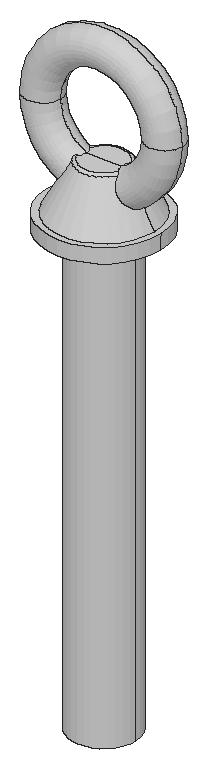
Revit family "AnchorPoint_Kattsafe_ConcreteMount_TorqueIndicator", category Specialty Equipment, host Face, Revit 2025
Family settings
  Host = Face
  Round Connector Dimension = Use Diameter
  Part Type = Normal
  OmniClass Number = 23.27.71.21
  Enable Cutting in Views = No
  Cut with Voids When Loaded = Yes
  Maintain Annotation Orientation = No
  Shared = No
  Room Calculation Point = No
Parameters (values of type "Type 1")
  Uniclass2015Version = "Products v1.23"
  Uniclass2015Title = "Safety access anchor devices"
  Uniclass2015Code = "Pr_40_70_75_75"
  URL = "https://kattsafe.com.au/"
  Type IFC Predefined Type = "USERDEFINED"
  Type Comments = "Concrete Mount Anchor with Torque Indicator - 15kN rated - 0.6kg"
  SafetyDisclaimer [instance] = "WARNING! The correct placement of access, fall protection and facade maintenance systems is critical to ensure it is fit-for-purpose and safe for the operator to use. Did you know Kattsafe® have a dedicated team of Height Safety System Design Specialists? Kattsafe® provide one-on-one consultation and system design assistance to ensure you are meeting the stringent requirements of height safety and to give you PEACE OF MIND with your project."  # constant formula
  ModifiedIssue = 20240430
  Model = "AP126"
  Material = Steel_Stainless_Kattsafe_Satin
  ManufacturerURLProductSpecific = "https://kattsafe.com.au/products/anchor-points/concrete-mount-roof-anchors/Concrete-mount-anchor-with-torque-indicator"
  ManufacturerSpecCode = Model  # "AP126"
  ManufacturerOverallWidth = 44 mm  # constant formula
  ManufacturerOverallHeight = 175 mm  # constant formula
  ManufacturerOverallDepth = 44 mm  # constant formula
  Manufacturer = "Kattsafe®"  # constant formula
  IfcExportType = "USERDEFINED"
  IfcExportAs = "IfcBuildingElementProxy"
  HostOffset [instance] = 0 mm
  Export Type to IFC As = "IfcBuildingElementProxy"
  ElementType = "Fall Protection"
  Description = "Our Kattsafe anchor points are specifically designed, manufactured, and tested to comply with and often exceed Australian Standards, effectively handling excessive loads and saving lives when using a harness and lanyard system."  # constant formula
  Default Elevation = 0 mm  # constant formula
  CreatedBy = "IGS BIM Solutions"  # constant formula
  CreatedByURL = "https://igsgroup.com.au"
  Assembly Code = "E1090100"
Reference planes
  plane 1 "Center (Front/Back)": y = 0
  plane 2 "Ref. Level": z = 0
  plane 3 "Center (Left/Right)": x = 0
  plane 4 "Front": y = -22
  plane 5 "Back": y = 22
  plane 6 "Right": x = 22
  plane 7 "Left": x = -22
  plane 8 "Top": z = 50
  plane 9 "Bottom": z = -125
  plane 10 "Base": z = 0
Forms (mm)
  Revolve 1, solid, material "Steel_Stainless_Kattsafe_Satin" <- "Material"
    sketch origin (0, 0, -125) x (1, 0, 0) y (0, 0, 1)
      loop
        line (0, 125) -> (0, 0) -> (9, 0) -> (9, 125) -> (0, 125)
      axis (0, 0) -> (0, 125)
    angle from 0 to 360
  Revolve 2, void
    sketch origin (0, 0, -125) x (1, 0, 0) y (0, 0, 1)
      loop
        line (0, 125) -> (0, -3.739) -> (9.1, -3.739) -> (9.1, 125) -> (0, 125)
      axis (0, -3.739) -> (0, 125)
    angle from 0 to 360
  Extrusion 3, solid, material "Steel_Stainless_Kattsafe_Satin" <- "Material"
    sketch origin (-1524, 277.61, 0) x (-1, 0, 0) y (0, 1, 0)
      loop
        circle (-1524, -277.61) r 16
      loop
        circle (-1524, -277.61) r 8
    from 0 to -4
  Revolve 4, solid, material "Steel_Stainless_Kattsafe_Satin" <- "Material"
    sketch origin (0, 0, 0) x (1, 0, 0) y (0, 0, 1)
      loop
        line (0, 17.001) -> (0, 4) -> (14.214, 4) -> (6.997, 16.501)
        arc (6.997, 16.501) -> (6.63, 16.867) -> (6.13, 17.001) r 1
        line (6.13, 17.001) -> (0, 17.001)
      axis (0, 4) -> (0, 17.001)
    angle from 0 to 360
  Sweep 5, solid, material "Steel_Stainless_Kattsafe_Satin" <- "Material"
    path origin (0, 0, 0) x (1, 0, 0) y (0, 0, 1)
      loop
        circle (0, 28) r 22
    profile origin (0, 0, 50) x (0, 0, -1) y (0, -1, 0)
      loop
        circle (5, 0) r 5
Cuts and joins
  joined: Revolve 4, Sweep 5
Lines and regions (mm)
  Masking region 1
    outline origin (0, 0, 50) x (-1, 0, 0) y (0, -1, 0)
      loop
        line (-15.199, 5) -> (-17.001, 5)
        arc (-17.001, 5) -> (-21.999, 0.003) -> (-17.001, -4.994) r 4.997
        line (-17.001, -4.994) -> (-15.201, -4.994)
        arc (-15.201, -4.994) -> (0, -16) -> (15.201, -4.994) r 16
        line (15.201, -4.994) -> (17.001, -4.994)
        arc (17.001, -4.994) -> (21.999, 0.003) -> (17.001, 5) r 4.997
        line (17.001, 5) -> (15.199, 5)
        arc (15.199, 5) -> (0, 16) -> (-15.199, 5) r 16
  symbolic lines, style "Fall Arrest Systems", detail levels medium+fine
    curve 1: line (15.201, 4.994, 50) -> (-15.201, 4.994, 50)
    curve 2: line (15.201, -4.994, 50) -> (-15.201, -4.994, 50)
  symbolic lines, style "Fall Arrest Systems", detail levels fine
    curve 3: arc (-12.689, -4.994, 50) -> (0, -13.637, 50) -> (12.689, -4.994, 50) r 13.637
    curve 4: arc (-12.689, 4.994, 50) -> (0, 13.637, 50) -> (12.689, 4.994, 50) r 13.637
Text (mm)
  text "Disclaimer:\nDue to ongoing product development and manufacturing \nevolution, product details are subject to change without \nnotice. Please refer to product technical data sheets on \nthe manufacturers website for the most current product \ninformation. Please allow a +/- 5mm manufacturing \ntolerance for dimensions and set-outs shown in product \nliterature." at (140.12, 82.963, 0), in view "Ref. Level"
Dimensions and locks
  "ManufacturerOverallWidth": plane 7 "Left" to plane 6 "Right"
  "ManufacturerOverallDepth": plane 5 "Back" to plane 4 "Front"
  equal spacing: plane 4 "Front", plane 1 "Center (Front/Back)", plane 5 "Back"
  equal spacing: plane 7 "Left", plane 3 "Center (Left/Right)", plane 6 "Right"
  "HostOffset": plane 10 "Base" to level
  plane 10 "Base" to plane 9 "Bottom" = 125 mm
  "ManufacturerOverallHeight": plane 8 "Top" to plane 9 "Bottom"
  plane 8 "Top" to plane 10 "Base" = 50 mm
  aligned and locked: plane 2 "Ref. Level" to host face
  aligned and locked: level to host face
  aligned and locked: Revolve 1 to plane 9 "Bottom"
  aligned and locked: Revolve 1 to plane 10 "Base"
  aligned and locked: Revolve 2 to plane 10 "Base"
  aligned and locked: plane 8 "Top" to Revolve 4 sketch curve
  aligned and locked: Revolve 4 sketch curve to Revolve 4 sketch curve
Automatic sketch dimensions
  host sketch curve to host sketch curve = 44 mm  (x2)
  plane 3 "Center (Left/Right)" to Sweep 5 sketch curve = 0 mm
  plane 8 "Top" to Sweep 5 sketch curve = 22 mm
  Sweep 5 sketch curve to plane 1 "Center (Front/Back)" = 0 mm
  Sweep 5 sketch curve to profile plane = 5 mm
  Extrusion 3 sketch curve to Extrusion 3 sketch curve = 0 mm  (x2)
  plane 1 "Center (Front/Back)" to Extrusion 3 sketch curve = 0 mm
  Extrusion 3 sketch curve to plane 3 "Center (Left/Right)" = 0 mm
  Revolve 1 sketch curve to plane 3 "Center (Left/Right)" = 0 mm  (x2)
  level to Revolve 1 sketch curve = 0 mm
  Revolve 1 sketch curve to plane 9 "Bottom" = 0 mm
  plane 3 "Center (Left/Right)" to Revolve 1 sketch curve = 9 mm
  Revolve 1 sketch curve to plane 9 "Bottom" = 15 mm
  Revolve 1 sketch curve to level = 20 mm
  Revolve 2 sketch curve to plane 3 "Center (Left/Right)" = 0 mm  (x2)
  level to Revolve 2 sketch curve = 0 mm
  plane 3 "Center (Left/Right)" to Revolve 2 sketch curve = 9.1 mm
  plane 9 "Bottom" to Revolve 2 sketch curve = 3.739 mm
  Revolve 2 sketch curve to level = 20 mm
  Revolve 2 sketch curve to plane 9 "Bottom" = 15 mm
  Revolve 4 sketch curve to plane 3 "Center (Left/Right)" = 0 mm
  plane 3 "Center (Left/Right)" to Revolve 4 sketch curve = 6.13 mm
  Revolve 4 sketch curve to Revolve 4 sketch curve = 0.866 mm
  plane 6 "Right" to Revolve 4 sketch curve = 7.786 mm
  Revolve 4 sketch curve to Revolve 4 sketch curve = 12.001 mm
  Revolve 4 sketch curve to Revolve 4 sketch curve = 0.5 mm
  Revolve 4 sketch curve to plane 10 "Base" = 0 mm
  Revolve 4 sketch curve to plane 10 "Base" = 4 mm
  Masking region 1 sketch curve to Masking region 1 sketch curve = 0 mm  (x2)
  plane 1 "Center (Front/Back)" to Masking region 1 sketch curve = 0 mm
  Masking region 1 sketch curve to plane 3 "Center (Left/Right)" = 0 mm
  plane 6 "Right" to Masking region 1 sketch curve = 6.801 mm
  plane 6 "Right" to Masking region 1 sketch curve = 6.799 mm
  Masking region 1 sketch curve to Masking region 1 sketch curve = 1.801 mm
  plane 1 "Center (Front/Back)" to Masking region 1 sketch curve = 5 mm
  Masking region 1 sketch curve to plane 3 "Center (Left/Right)" = 15.199 mm
  Masking region 1 sketch curve to plane 1 "Center (Front/Back)" = 4.994 mm
  Masking region 1 sketch curve to Masking region 1 sketch curve = 0.002 mm
  Masking region 1 sketch curve to Masking region 1 sketch curve = 1.803 mm
  plane 1 "Center (Front/Back)" to curve 3 = 0 mm
  curve 3 to plane 3 "Center (Left/Right)" = 0 mm
  curve 4 to plane 1 "Center (Front/Back)" = 4.994 mm
  plane 6 "Right" to curve 1 = 6.799 mm
  curve 3 to curve 4 = 0 mm  (x2)
  plane 6 "Right" to curve 2 = 6.799 mm
  plane 1 "Center (Front/Back)" to curve 3 = 4.994 mm
  plane 7 "Left" to curve 1 = 6.799 mm
  curve 1 to curve 4 = 0 mm
  curve 1 to curve 4 = 2.512 mm
  curve 4 to curve 1 = 2.512 mm
  plane 7 "Left" to curve 2 = 6.799 mm
  curve 3 to curve 2 = 0 mm
  curve 2 to curve 3 = 2.512 mm
  curve 3 to curve 2 = 2.512 mm
  radius of Sweep 5 sketch curve = 22 mm
  radius of Sweep 5 sketch curve = 5 mm
  radius of Extrusion 3 sketch curve = 16 mm
  radius of Extrusion 3 sketch curve = 8 mm
